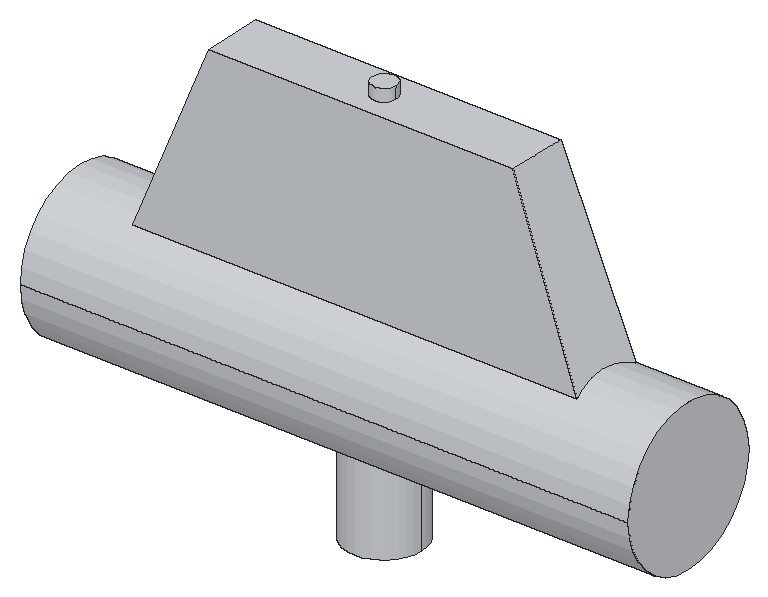
Revit family "M_Entrada de ar - 25-32 mm", category Acessórios do tubo, Revit 2019
Family settings
  Cota do conector redondo = Usar raio
  Tipo de parte = Quebra em
  Número OmniClass = 23.65.20.11.11.17
  Título OmniClass = Vents for Liquid Storage Tanks
  ID de item do Seek = Air Scoop - 25-32 mm-0000-CAN-ENU
  Com base no plano de trabalho = Não
  Sempre na vertical = Sim
  Corte com vazios quando carregada = Não
  Compartilhado = Não
Parameters (values of type "25 mm")
  Largura 2 = 3 / 4 * Diâmetro nominal  # 18.75 mm
  Largura 1 = 3 / 5 * Diâmetro nominal  # 15 mm
  Raio da ventilação = 1.5 mm
  Raio externo da ventilação = 2 * Raio da ventilação  # 3 mm
  Altura da ventilação = Diâmetro da ventilação  # 3 mm
  Fluxo da ventilação [instance] = 0.0 L/s
  Diâmetro da ventilação = Raio da ventilação * 2  # 3 mm
  Comprimento do separador = 152 mm
  Altura do separador = 102 mm
  Raio externo = 3 / 4 * Diâmetro nominal  # 18.75 mm
  Deslocamento 1 = 2 / 3 * Raio externo  # 12.5 mm
  Raio nominal = 12.5 mm
  Diâmetro nominal = Raio nominal * 2  # 25 mm
  Comprimento 2 = 3 / 4 * Comprimento do separador  # 114 mm
  Comprimento 1 = 1 / 2 * Comprimento do separador  # 76 mm
  K Coefficient = 1.21
  Fluxo [instance] = 1.51 L/s
  C4 Deslocamento 1 = 64 mm
  Raio do reservatório inferior = 7.5 mm
  Raio externo do reservatório inferior = 1.25 * Raio do reservatório inferior  # 9.375 mm
  Diâmetro do reservatório inferior = Raio do reservatório inferior * 2  # 15 mm
  Material do separador de ar = none
Types (3, lengths in mm): name | Largura 2 | Largura 1 | Raio externo | Deslocamento 1 | Raio nominal | Diâmetro nominal
  (no name) | 18.75 | 15 | 18.75 | 12.5 | 12.5 | 25
  25 mm | 18.75 | 15 | 18.75 | 12.5 | 12.5 | 25
  32 mm | 24 | 19.2 | 24 | 16 | 16 | 32
Reference planes
  plane 1 "Centro (Frente/Trás)": y = 0
  plane 2: z = 0
  plane 3 "Centro (Esquerda/Direita)": x = 0
  plane 4: z = 12.5
  plane 5: z = -38
  plane 6: z = 61
  plane 7: z = 64
  plane 8: y = 7.5
  plane 9: y = -7.5
  plane 10: y = 9.375
  plane 11: y = -9.375
  plane 12: x = -38
  plane 13: x = 38
  plane 14: x = -57
  plane 15: x = 57
  plane 16: x = -76
  plane 17: x = 76
Forms (mm)
  Extrusion 1, solid, material <- "Material do separador de ar"
    sketch origin (-101.6, -21.633, 1219.2) x (0, -1, 0) y (0, 0, 1)
      loop
        circle (-21.633, -1219.2) r 18.75
    from -177.6 to -25.6
  Blend 2, solid, material <- "Material do separador de ar"
    base sketch origin (0, 0, 0) x (1, 0, 0) y (0, 1, 0)
      loop
        line (-57, 9.375) -> (-57, -9.375) -> (57, -9.375) -> (57, 9.375) -> (-57, 9.375)
    top sketch origin (0, 0, 0) x (1, 0, 0) y (0, 1, 0)
      loop
        line (-38, 7.5) -> (-38, -7.5) -> (38, -7.5) -> (38, 7.5) -> (-38, 7.5)
    from 12.5 to 61
  Extrusion 3, solid, material <- "Material do separador de ar"
    sketch origin (33.994, -0.143, 0) x (1, 0, 0) y (0, 1, 0)
      loop
        circle (-33.994, 0.143) r 3
    from 61 to 64
  Extrusion 4, solid, material <- "Material do separador de ar"
    sketch origin (0, 0, 0) x (1, 0, 0) y (0, 1, 0)
      loop
        circle (0, 0) r 9.375
    from -38 to 0
Cuts and joins
  joined: Extrusion 1, Blend 2, Extrusion 3, Extrusion 4
Dimensions and locks
  "Deslocamento 1": plane 4 to plane 2
  "Altura da ventilação": plane 7 to plane 6
  equal spacing: plane 8, plane 1 "Centro (Frente/Trás)", plane 9
  "Largura 1": plane 8 to plane 9
  equal spacing: plane 10, plane 1 "Centro (Frente/Trás)", plane 11
  "Largura 2": plane 10 to plane 11
  equal spacing: plane 12, plane 3 "Centro (Esquerda/Direita)", plane 13
  "Comprimento 1": plane 12 to plane 13
  equal spacing: plane 14, plane 3 "Centro (Esquerda/Direita)", plane 15
  "Comprimento 2": plane 14 to plane 15
  equal spacing: plane 16, plane 3 "Centro (Esquerda/Direita)", plane 17
  "Comprimento do separador": plane 16 to plane 17
  "C4 Deslocamento 1": plane 7 to plane 2
  "Altura do separador": plane 7 to plane 5
  "Raio externo": radius of Extrusion 1 sketch curve
  "Raio externo da ventilação": radius of Extrusion 3 sketch curve
  "Raio externo do reservatório inferior": radius of Extrusion 4 sketch curve
  aligned and locked: plane 2 to Extrusion 1 sketch curve
  aligned and locked: plane 1 "Centro (Frente/Trás)" to Extrusion 1 sketch curve
  aligned and locked: plane 17 to Extrusion 1
  aligned and locked: plane 16 to Extrusion 1
  aligned and locked: plane 14 to Blend 2 sketch curve
  aligned and locked: Blend 2 sketch curve to plane 10
  aligned and locked: Blend 2 sketch curve to plane 15
  aligned and locked: plane 12 to Blend 2 sketch curve
  aligned and locked: Blend 2 sketch curve to plane 8
  aligned and locked: Blend 2 sketch curve to plane 13
  aligned and locked: Blend 2 sketch curve to plane 11
  aligned and locked: plane 9 to Blend 2 sketch curve
  aligned and locked: Blend 2 sketch curve to plane 12
  aligned and locked: Blend 2 sketch curve to plane 14
  aligned and locked: Blend 2 to plane 4
  aligned and locked: plane 6 to Blend 2
  aligned and locked: Extrusion 3 to plane 6
  aligned and locked: Extrusion 3 to plane 7
  aligned and locked: plane 1 "Centro (Frente/Trás)" to Extrusion 4 sketch curve
  aligned and locked: plane 3 "Centro (Esquerda/Direita)" to Extrusion 4 sketch curve
  aligned and locked: Extrusion 4 to plane 5
  aligned and locked: level to Extrusion 4
  aligned and locked: plane 3 "Centro (Esquerda/Direita)" to Extrusion 3 sketch curve
  aligned and locked: plane 1 "Centro (Frente/Trás)" to Extrusion 3 sketch curve
Connectors
  piping at (-76, 0, 0), diameter 25, driven by "Raio nominal"
    settings: on cut or joined group of Extrusion 1, Blend 2, Extrusion 3, Extrusion 4, index 1, connector inside diameter 25 mm, connector length 0 mm, flow factor 0, pipe flow 0.0 L/s, pressure drop 0.0 Pa, fitting loss kfactor 0, connector angle 0.00°, fixture units 0, engagement length 0 mm, angle of deflection 0.00°, flow configuration 0, flow direction 0, fitting loss method 2, system type 29, joint type 0, gender type 0, connector reference index 2, connector utility 0, adjustable connector no, is connector primary yes, connector description "Conectado a entrada da caldeira/resfriador"
  piping at (76, 0, 0), diameter 25, driven by "K Coefficient", driven by "Raio nominal"
    settings: on cut or joined group of Extrusion 1, Blend 2, Extrusion 3, Extrusion 4, index 2, connector inside diameter 25 mm, connector length 0 mm, flow factor 0, pipe flow 0.0 L/s, pressure drop 0.0 Pa, fitting loss kfactor 1.21, connector angle 0.00°, fixture units 0, engagement length 0 mm, angle of deflection 0.00°, flow configuration 0, flow direction 0, fitting loss method 2, system type 29, joint type 0, gender type 0, connector reference index 1, connector utility 0, adjustable connector no, is connector primary no, connector description "Conectado a saída da bomba"
  piping at (0, 0, -38), diameter 15, driven by "Raio do reservatório inferior"
    settings: on cut or joined group of Extrusion 1, Blend 2, Extrusion 3, Extrusion 4, index 3, connector inside diameter 15 mm, connector length 0 mm, flow factor 0, pipe flow 0.0 L/s, pressure drop 0.0 Pa, fitting loss kfactor 0, connector angle 0.00°, fixture units 0, engagement length 0 mm, angle of deflection 0.00°, flow configuration 1, flow direction 1, fitting loss method 0, system type 29, joint type 0, gender type 0, connector reference index -1, connector utility 0, adjustable connector no, is connector primary no, connector description "Conectado ao diafragma/saída do reservatório de compressão"
  piping at (0, 0, 64), diameter 3, driven by "Raio da ventilação"
    settings: on Extrusion 3, index 4, connector inside diameter 3 mm, connector length 0 mm, flow factor 0, pipe flow 0.0 L/s, pressure drop 0.0 Pa, fitting loss kfactor 0, connector angle 0.00°, fixture units 0, engagement length 0 mm, angle of deflection 0.00°, flow configuration 1, flow direction 2, fitting loss method 0, system type 29, joint type 0, gender type 0, connector reference index -1, connector utility 0, adjustable connector no, is connector primary no, connector description "Conectado a ventilação ou diafragma/saída do reservatório de compressão"
